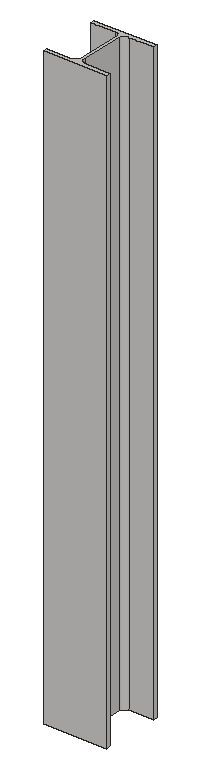
Revit family "NLRS_28_SC_HEB", category Structural Columns, Revit 2020
Family settings
  Section Shape = I-shape Wide Flange
  Material for Model Behavior = Steel
  Always export as geometry = No
  Beam cutback in plan = From bounding box
  Code Name = EURONORM 53-62; DIN 1025-2
  Cut with Voids When Loaded = No
  Symbolic Representation = From Project Settings
  Shared = No
  Show family pre-cut in plan views = Yes
Parameters (values of type "HEB260")
  Width = 260 mm
  Web Thickness = 10 mm
  Web Fillet = 24 mm
  Warping Constant = (empty or 0)
  Type Comments = ""
  Torsional Moment of Inertia = 0 cm⁴
  Structural Material [instance] = h3_Structural Steel - S235
  Section Name Key = "HEB260"
  Section Area = 118.0 cm²
  Plastic Modulus weak axis = 602.2 cm³
  Plastic Modulus strong axis = 1283 cm³
  Perimeter = 4.9213 (stored number, unit not read)
  Nominal Weight = 912.02 N/m
  Moment of Inertia weak axis = 5130 cm⁴
  Moment of Inertia strong axis = 14920 cm⁴
  Height = 260 mm
  Flange Thickness = 17.5 mm
  Elastic Modulus weak axis = 395 cm³
  Elastic Modulus strong axis = 1150 cm³
  Centroid Vertical = Height / 2  # 130 mm
  Centroid Horizontal = Width / 2  # 130 mm
  Bolt Spacing = 128 mm
  Assembly Code = "2B(28.10)"
Types (24, lengths in mm): name | Width | Web Thickness | Web Fillet | Section Name Key | Section Area | Plastic Modulus weak axis | Plastic Modulus strong axis | Perimeter | Nominal Weight | Moment of Inertia weak axis | Moment of Inertia strong axis | Height | Flange Thickness | Elastic Modulus weak axis | Elastic Modulus strong axis | Centroid Vertical | Centroid Horizontal | Bolt Spacing
  HEB260 | 260 | 10 | 24 | "HEB260" | 118.0 cm² | 602.2 cm³ | 1283 cm³ | 4.9213 (stored number, unit not read) | 912.02 N/m | 5130 cm⁴ | 14920 cm⁴ | 260 | 17.5 | 395 cm³ | 1150 cm³ | 130 | 130 | 128
  HEB1000 | 300 | 19 | 30 | "HEB1000" | 400.0 cm² | 1716 cm³ | 14860 cm³ | 10.203 (stored number, unit not read) | 3079.3 N/m | 16280 cm⁴ | 644700 cm⁴ | 1000 | 36 | 1090 cm³ | 12890 cm³ | 500 | 150 | 149
  HEB900 | 300 | 18.5 | 30 | "HEB900" | 371.0 cm² | 1658 cm³ | 12580 cm³ | 9.5472 (stored number, unit not read) | 2853.7 N/m | 15820 cm⁴ | 494100 cm⁴ | 900 | 35 | 1050 cm³ | 10980 cm³ | 450 | 150 | 149
  HEB800 | 300 | 17.5 | 30 | "HEB800" | 334.0 cm² | 1553 cm³ | 10230 cm³ | 8.8911 (stored number, unit not read) | 2569.3 N/m | 14900 cm⁴ | 359100 cm⁴ | 800 | 33 | 994 cm³ | 8980 cm³ | 400 | 150 | 148
  HEB700 | 300 | 17 | 27 | "HEB700" | 306.0 cm² | 1495 cm³ | 8327 cm³ | 8.2677 (stored number, unit not read) | 2363.4 N/m | 14400 cm⁴ | 256900 cm⁴ | 700 | 32 | 963 cm³ | 7340 cm³ | 350 | 150 | 141
  HEB650 | 300 | 16 | 27 | "HEB650" | 286.0 cm² | 1441 cm³ | 7320 cm³ | 7.9396 (stored number, unit not read) | 2206.5 N/m | 13980 cm⁴ | 210600 cm⁴ | 650 | 31 | 932 cm³ | 6480 cm³ | 325 | 150 | 140
  HEB600 | 300 | 15.5 | 27 | "HEB600" | 270.0 cm² | 1391 cm³ | 6425 cm³ | 7.6115 (stored number, unit not read) | 2079 N/m | 13530 cm⁴ | 171000 cm⁴ | 600 | 30 | 902 cm³ | 5700 cm³ | 300 | 150 | 140
  HEB550 | 300 | 15 | 27 | "HEB550" | 254.0 cm² | 1341 cm³ | 5591 cm³ | 7.2835 (stored number, unit not read) | 1951.5 N/m | 13080 cm⁴ | 136700 cm⁴ | 550 | 29 | 872 cm³ | 4970 cm³ | 275 | 150 | 139
  HEB500 | 300 | 14.5 | 27 | "HEB500" | 239.0 cm² | 1292 cm³ | 4815 cm³ | 6.9554 (stored number, unit not read) | 1833.8 N/m | 12620 cm⁴ | 107200 cm⁴ | 500 | 28 | 842 cm³ | 4290 cm³ | 250 | 150 | 139
  HEB450 | 300 | 14 | 27 | "HEB450" | 218.0 cm² | 1198 cm³ | 3982 cm³ | 6.6601 (stored number, unit not read) | 1676.9 N/m | 11720 cm⁴ | 79890 cm⁴ | 450 | 26 | 781 cm³ | 3550 cm³ | 225 | 150 | 138
  HEB400 | 300 | 13.5 | 27 | "HEB400" | 198.0 cm² | 1104 cm³ | 3232 cm³ | 6.332 (stored number, unit not read) | 1520 N/m | 10820 cm⁴ | 57680 cm⁴ | 400 | 24 | 721 cm³ | 2880 cm³ | 200 | 150 | 138
  HEB360 | 300 | 12.5 | 27 | "HEB360" | 181.0 cm² | 1032 cm³ | 2683 cm³ | 6.0696 (stored number, unit not read) | 1392.5 N/m | 10140 cm⁴ | 43190 cm⁴ | 360 | 22.5 | 676 cm³ | 2400 cm³ | 180 | 150 | 137
  HEB340 | 300 | 12 | 27 | "HEB340" | 171.0 cm² | 985.7 cm³ | 2408 cm³ | 5.9383 (stored number, unit not read) | 1314.1 N/m | 9690 cm⁴ | 36660 cm⁴ | 340 | 21.5 | 646 cm³ | 2160 cm³ | 170 | 150 | 136
  HEB320 | 300 | 11.5 | 27 | "HEB320" | 161.0 cm² | 939.1 cm³ | 2149 cm³ | 5.8071 (stored number, unit not read) | 1245.4 N/m | 9240 cm⁴ | 30820 cm⁴ | 320 | 20.5 | 616 cm³ | 1930 cm³ | 160 | 150 | 136
  HEB300 | 300 | 11 | 27 | "HEB300" | 149.0 cm² | 870.1 cm³ | 1869 cm³ | 5.6759 (stored number, unit not read) | 1147.4 N/m | 8560 cm⁴ | 25170 cm⁴ | 300 | 19 | 571 cm³ | 1680 cm³ | 150 | 150 | 135
  HEB280 | 280 | 10.5 | 24 | "HEB280" | 131.0 cm² | 717.6 cm³ | 1534 cm³ | 5.315 (stored number, unit not read) | 1010.1 N/m | 6590 cm⁴ | 19270 cm⁴ | 280 | 18 | 471 cm³ | 1380 cm³ | 140 | 140 | 129
  HEB240 | 240 | 10 | 21 | "HEB240" | 106.0 cm² | 498.4 cm³ | 1053 cm³ | 4.5276 (stored number, unit not read) | 815.91 N/m | 3920 cm⁴ | 11260 cm⁴ | 240 | 17 | 327 cm³ | 938 cm³ | 120 | 120 | 122
  HEB220 | 220 | 9.5 | 18 | "HEB220" | 91.0 cm² | 393.9 cm³ | 827 cm³ | 4.1667 (stored number, unit not read) | 701.17 N/m | 2840 cm⁴ | 8090 cm⁴ | 220 | 16 | 258 cm³ | 736 cm³ | 110 | 110 | 116
  HEB200 | 200 | 9 | 18 | "HEB200" | 78.1 cm² | 305.8 cm³ | 642.5 cm³ | 3.773 (stored number, unit not read) | 601.15 N/m | 2000 cm⁴ | 5700 cm⁴ | 200 | 15 | 200 cm³ | 570 cm³ | 100 | 100 | 115
  HEB180 | 180 | 8.5 | 15 | "HEB180" | 65.3 cm² | 231 cm³ | 481.4 cm³ | 3.4121 (stored number, unit not read) | 502.1 N/m | 1360 cm⁴ | 3830 cm⁴ | 180 | 14 | 151 cm³ | 426 cm³ | 90 | 90 | 109
  HEB160 | 160 | 8 | 15 | "HEB160" | 54.3 cm² | 170 cm³ | 354 cm³ | 3.0118 (stored number, unit not read) | 417.76 N/m | 889 cm⁴ | 2490 cm⁴ | 160 | 13 | 111 cm³ | 311 cm³ | 80 | 80 | 89
  HEB140 | 140 | 7 | 12 | "HEB140" | 43.0 cm² | 119.8 cm³ | 245.4 cm³ | 2.6411 (stored number, unit not read) | 330.48 N/m | 550 cm⁴ | 1510 cm⁴ | 140 | 12 | 78.5 cm³ | 216 cm³ | 70 | 70 | 82
  HEB120 | 120 | 6.5 | 12 | "HEB120" | 34.0 cm² | 80.97 cm³ | 165.2 cm³ | 2.2507 (stored number, unit not read) | 261.84 N/m | 318 cm⁴ | 864 cm⁴ | 120 | 11 | 52.9 cm³ | 144 cm³ | 60 | 60 | 77
  HEB100 | 100 | 6 | 12 | "HEB100" | 26.0 cm² | 51.42 cm³ | 104.2 cm³ | 1.8602 (stored number, unit not read) | 200.05 N/m | 167 cm⁴ | 450 cm⁴ | 100 | 10 | 33.5 cm³ | 89.9 cm³ | 50 | 50 | 67
Reference planes
  plane 1 "Center (Front/Back)": y = 0
  plane 2: z = 0
  plane 3 "Center (Left/Right)": x = 0
  plane 4: x = -130
  plane 5: x = 130
  plane 6: y = 130
  plane 7: y = -130
  plane 8: x = -5
  plane 9: x = 5
Forms (mm)
  Extrusion 1, solid, material "h3_Structural Steel - S235" <- "Structural Material", detail levels medium
    sketch origin (0, 0, 0) x (1, 0, 0) y (0, 1, 0)
      loop
        line (-130, 130) -> (-130, 112.5) -> (-5, 112.5) -> (-5, -112.5) -> (-130, -112.5) -> (-130, -130) -> (130, -130) -> (130, -112.5) -> (5, -112.5) -> (5, 112.5) -> (130, 112.5) -> (130, 130) -> (-130, 130)
    from 0 to 2500
  Extrusion 2, solid, material "h3_Structural Steel - S235" <- "Structural Material", detail levels fine
    sketch origin (0, 0, 0) x (1, 0, 0) y (0, 1, 0)
      loop
        line (-130, 130) -> (-130, 112.5) -> (-29, 112.5)
        arc (-29, 112.5) -> (-12.029, 105.471) -> (-5, 88.5) r 24
        line (-5, 88.5) -> (-5, -88.5)
        arc (-5, -88.5) -> (-12.029, -105.471) -> (-29, -112.5) r 24
        line (-29, -112.5) -> (-130, -112.5) -> (-130, -130) -> (130, -130) -> (130, -112.5) -> (29, -112.5)
        arc (29, -112.5) -> (12.029, -105.471) -> (5, -88.5) r 24
        line (5, -88.5) -> (5, 88.5)
        arc (5, 88.5) -> (12.029, 105.471) -> (29, 112.5) r 24
        line (29, 112.5) -> (130, 112.5) -> (130, 130) -> (-130, 130)
    from 0 to 2500
Lines and regions (mm)
  symbolic lines, style "StructuralColumnStickSymbols", detail levels coarse
    curve 1: line (-130, 130, 0) -> (130, 130, 0)
    curve 2: line (-130, -130, 0) -> (130, -130, 0)
    curve 3: line (0, 130, 0) -> (0, -130, 0)
  symbolic lines, style "Hidden Faces", detail levels medium+fine
    curve 4: line (-5, 0, 0) -> (-5, 0, 2500)
    curve 5: line (5, 0, 2500) -> (5, 0, 0)
Dimensions and locks
  equal spacing: plane 4, plane 3 "Center (Left/Right)", plane 5
  equal spacing: plane 7, plane 1 "Center (Front/Back)", plane 6
  "Height": plane 7 to plane 6
  "Width": plane 4 to plane 5
  "Flange Thickness": plane 7 to Extrusion 1 sketch curve
  "Flange Thickness": Extrusion 1 sketch curve to plane 6
  equal spacing: Extrusion 1 sketch curve, plane 3 "Center (Left/Right)", Extrusion 1 sketch curve
  "Web Thickness": Extrusion 1 sketch curve to Extrusion 1 sketch curve
  equal spacing: plane 8, plane 3 "Center (Left/Right)", plane 9
  "Web Thickness": plane 8 to plane 9
  "Web Fillet": radius of Extrusion 2 sketch curve  (x4)
  aligned and locked: plane 6 to Extrusion 1 sketch curve
  aligned and locked: Extrusion 1 sketch curve to plane 7
  aligned and locked: Extrusion 1 sketch curve to plane 4  (x2)
  aligned and locked: plane 5 to Extrusion 1 sketch curve  (x2)
  aligned and locked: Extrusion 1 sketch curve to Extrusion 1 sketch curve  (x2)
  aligned and locked: level to Extrusion 1
  aligned and locked: level to plane 2
  aligned and locked: Extrusion 1 to plane 2
  aligned and locked: plane 6 to Extrusion 2 sketch curve
  aligned and locked: plane 5 to Extrusion 2 sketch curve  (x2)
  aligned and locked: Extrusion 2 sketch curve to plane 4  (x2)
  aligned and locked: Extrusion 2 sketch curve to Extrusion 1  (x6)
  aligned and locked: Extrusion 2 sketch curve to plane 7
  aligned and locked: level to Extrusion 2
  aligned and locked: Extrusion 2 to level
  aligned and locked: curve 4 to plane 8
  aligned and locked: level to curve 4
  aligned and locked: plane 9 to curve 5
  aligned and locked: plane 2 to curve 5
  aligned and locked: plane 2 to curve 4
  aligned and locked: Extrusion 1 to plane 6
  aligned and locked: plane 4 to Extrusion 1  (x2)
  aligned and locked: Extrusion 1 to plane 5  (x2)
  aligned and locked: plane 7 to Extrusion 1
  aligned and locked: Extrusion 1 to plane 9
  aligned and locked: plane 8 to Extrusion 1
  aligned and locked: Extrusion 2 to plane 6
  aligned and locked: plane 4 to Extrusion 2  (x2)
  aligned and locked: Extrusion 2 to plane 5  (x2)
  aligned and locked: plane 7 to Extrusion 2
  aligned and locked: plane 8 to Extrusion 2
  aligned and locked: Extrusion 2 to plane 9
  aligned and locked: plane 6 to curve 1
  aligned and locked: plane 7 to curve 2
  aligned and locked: curve 3 to plane 3 "Center (Left/Right)"
  aligned and locked: plane 5 to curve 1
  aligned and locked: plane 4 to curve 1
  aligned and locked: plane 4 to curve 2
  aligned and locked: plane 5 to curve 2
  aligned and locked: plane 6 to curve 3
  aligned and locked: plane 7 to curve 3
  aligned and locked: level to curve 5
